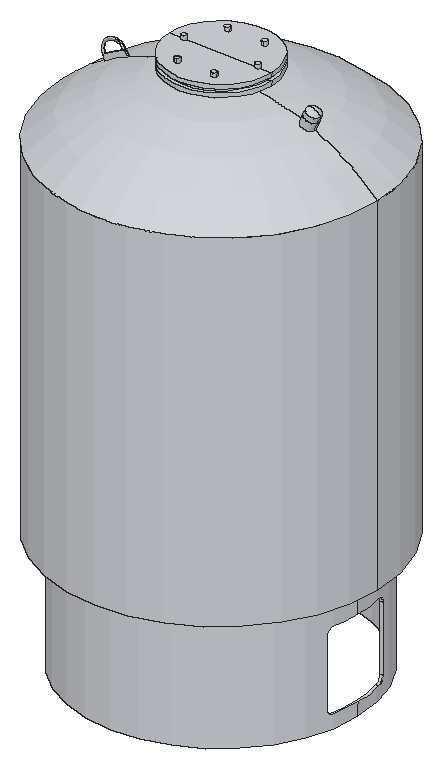
Revit family "FXA-1600", category Mechanical Equipment, Revit 2014
Parameters (values of type "FXA-1600")
  VoidLength = 7 1/2"
  URL = "http://westank.com/"
  TankVolume = "422 Gallons"
  SystemConnectionAngle = 50.00°
  PartNumber = "21011600"
  OuterRadius = 15"
  Model = "FXA-1600"
  MaximumOperatingTemperature = "240°F"
  MaximumOperatingPressure = "125 PSIG"
  Manufacturer = "Wessels Company"
  InnerRadius = 14.766"
  InnerCircleDiameter = E - 3" / 4  # 41 1/4"
  HandleAngle = 120.00°
  G = 8 3/4"
  E = 42"
  F = 9"
  DrainAngle = 63.00°
  C = 3"
  BottomOfTheCylinder = 6.11811"
  B = 84.00013"
  ApproximateShipmentWeight = "1210 lbs"
  Angle = 35.00°
  A = 48"
Reference planes (in)
  plane 1 "Center (Front/Back)": y = 0
  plane 2: z = 0
  plane 3 "Center (Left/Right)": x = 0
  plane 4: x = -24
  plane 5: y = 1.9685
  plane 6: y = -1.9685
  plane 7: z = 84.00013
  plane 8: x = 24
  plane 9: y = 0.15626
  plane 10: y = -0.15626
  plane 11: x = -21
  plane 12: x = 21
  plane 13: y = 0
  plane 14: y = 8.22887
  plane 15: y = -8.22887
  plane 16: through (0.00466, -180, 75.19677) normal (-0.9999, 0, -0.0139)
  plane 17: z = 69.58894
  plane 18: x = 9
  plane 19: x = 7.5
  plane 20: x = 10.5
  plane 21: z = 80.36787
  plane 22: z = 70.089
  plane 23: z = 69.08887
  plane 24: z = 8.75
Forms (in)
  Revolve 1, solid
    sketch origin (0, 0, -5.12551) x (1, 0, 0) y (0, 0, 1)
      loop
        arc (0, 85.49361) -> (-12.91979, 83.61854) -> (-24, 76.71451) r 31.82841
        line (-24, 76.71451) -> (-24, 23.49885)
        arc (-24, 23.49885) -> (-12.32539, 19.43597) -> (0, 18.49357) r 47.93669
        line (0, 18.49357) -> (0, 85.49361)
      axis (0, 85.49361) -> (0, 18.49357)
    angle from 0 to 360
  Extrusion 2, solid
    sketch origin (0, 0, 0) x (1, 0, 0) y (0, 1, 0)
      loop
        circle (0, 0) r 21
      loop
        circle (0, 0) r 20.625
    from 19.49834 to 0
  Revolve 3, solid
    sketch origin (9.80376, 0, 75.57315) x (0.390731, 0, 0.920505) y (-0.920505, 0, 0.390731)
      loop
        line (3.78367, -2.18813) -> (3.78367, -3.27652) -> (5.29007, -3.27652) -> (5.29007, -3.24355) -> (6.09821, -3.24355)
        arc (6.09821, -3.24355) -> (6.44345, -2.77217) -> (6.46036, -2.18813) r 0.9835
        line (6.46036, -2.18813) -> (3.78367, -2.18813)
      axis (3.78367, -2.18813) -> (6.46036, -2.18813)
    angle from 0 to 360
  Sweep 4, solid
    path origin (-7.304, 0, 74.58415) x (-0.460084, 0, 0.887875) y (-0.887875, 0, -0.460084)
      loop
        arc (7.09343, 8.1739) -> (8.84343, 6.4239) -> (7.09343, 4.6739) r 1.75
    profile origin (-17.07634, 0, 79.48048) x (-0.460084, 0, 0.887875) y (0, -1, 0)
      loop
        circle (0, 0) r 0.15625
  Extrusion 5, solid
    sketch origin (-5.06109, 0, 70.25576) x (-0.460084, 0, 0.887875) y (-0.887875, 0, -0.460084)
      loop
        line (11.96843, 8.3295) -> (10.99146, 8.3295) -> (10.99146, 4.51439) -> (11.96843, 4.51439) -> (11.96843, 8.3295)
    from 0.15626 to -0.15626
  Sweep 6, solid
    path origin (-12.625, 0, 62.08927) x (-1, 0, 0) y (0, 0, -1)
      loop
        arc (12.10198, 16.24994) -> (13.85198, 14.49994) -> (12.10198, 12.74994) r 1.75
    profile origin (-26.47698, 0, 47.58934) x (-1, 0, 0) y (0, -1, 0)
      loop
        circle (0, 0) r 0.15625
  Extrusion 7, solid
    sketch origin (-7.75, 0, 62.08927) x (-1, 0, 0) y (0, 0, -1)
      loop
        line (16.97698, 16.40554) -> (16, 16.40554) -> (16, 12.59043) -> (16.97698, 12.59043) -> (16.97698, 16.40554)
    from 0.15626 to -0.15626
  Revolve 8, solid
    sketch origin (0.22045, 0, 73.50107) x (0, 0, 1) y (-1, 0, 0)
      loop
        line (10.03372, 0.22045) -> (6.29356, 0.22045) -> (6.29356, -4.6341)
        arc (6.29356, -4.6341) -> (7.27781, -4.40868) -> (8.26207, -4.6341) r 2.26145
        line (8.26207, -4.6341) -> (8.26207, -7.60972) -> (8.85262, -7.60972) -> (8.85262, -6.99344) -> (9.44317, -6.99344) -> (9.44317, -7.60972) -> (10.03372, -7.60972) -> (10.03372, 0.22045)
      axis (10.03372, 0.22045) -> (6.29356, 0.22045)
    angle from 0 to 360
  Extrusion 9, solid
    sketch origin (0, 0, 0) x (0, 1, 0) y (0, 0, 1)
      loop
        circle (0, 69.58894) r 0.5
    from -23.66872 to -25.20532
  Revolve 10, solid
    sketch origin (0.93854, 0, 22.52473) x (0.172627, 0, -0.984987) y (0.984987, 0, 0.172627)
      loop
        line (13.18144, 5.76928) -> (9.44128, 5.76928) -> (9.44128, 2.63548)
        arc (9.44128, 2.63548) -> (10.42553, 2.86091) -> (11.40978, 2.63548) r 2.26145
        line (11.40978, 2.63548) -> (11.40978, 0.03486) -> (12.00033, 0.03486) -> (12.00033, 0.65115) -> (12.59089, 0.65115) -> (12.59089, 0.03486) -> (13.18144, 0.03486) -> (13.18144, 5.76928)
      axis (9.44128, 5.76928) -> (13.18144, 5.76928)
    angle from 0 to 360
  Extrusion 11, solid
    sketch origin (7.89187, -2.56268, 10.48894) x (-0.984979, 0, -0.172675) y (-0.000004, 1, 0.000023)
      loop
        circle (-3.74768, 6.40672) r 0.3937
    from 0.59055 to -2.11745
  Extrusion 12, solid
    sketch origin (9.7889, -2.64003, 10.82118) x (-0.747584, -0.651106, -0.131069) y (-0.641335, 0.758987, -0.112375)
      loop
        circle (-3.74768, 6.40672) r 0.3937
    from 0.59055 to -2.11248
  Extrusion 13, solid
    sketch origin (11.27836, -1.44481, 11.08203) x (-0.149831, -0.988362, -0.026308) y (-0.973528, 0.152123, -0.170595)
      loop
        circle (-3.74768, 6.40672) r 0.3937
    from 0.59055 to -2.10562
  Extrusion 14, solid
    sketch origin (11.64303, 0.44684, 11.14537) x (0.520149, -0.849202, 0.091112) y (-0.836457, -0.528068, -0.146572)
      loop
        circle (-3.74768, 6.40672) r 0.3937
    from 0.59055 to -2.11832
  Extrusion 15, solid
    sketch origin (10.70595, 2.1231, 10.98114) x (0.939407, -0.300705, 0.16459) y (-0.296195, -0.953717, -0.051887)
      loop
        circle (-3.74768, 6.40672) r 0.3937
    from 0.59055 to -2.10775
  Extrusion 16, solid
    sketch origin (8.91968, 2.77597, 10.66801) x (0.905852, 0.392739, 0.158709) y (0.386839, -0.91965, 0.067821)
      loop
        circle (-3.74768, 6.40672) r 0.3937
    from 0.59055 to -2.10608
  Extrusion 17, solid
    sketch origin (7.14519, 2.09076, 10.35699) x (0.435656, 0.896873, 0.076304) y (0.883404, -0.442288, 0.154848)
      loop
        circle (-3.74768, 6.40672) r 0.3937
    from 0.59055 to -2.11652
  Extrusion 18, solid
    sketch origin (6.23683, 0.39774, 10.19923) x (-0.244533, 0.968691, -0.042905) y (0.954145, 0.248268, 0.167246)
      loop
        circle (-3.74768, 6.40672) r 0.3937
    from 0.59055 to -2.10776
  Extrusion 19, solid
    sketch origin (6.63409, -1.48699, 10.2687) x (-0.806847, 0.573576, -0.141456) y (0.564961, 0.819153, 0.099038)
      loop
        circle (-3.74768, 6.40672) r 0.3937
    from 0.59055 to -2.10712
  Extrusion 20, solid
    sketch origin (7.85796, 0, -9.27198) x (0, 1, 0) y (1, 0, 0)
      loop
        circle (0, 1.14174) r 1.5
    from -20.98349 to -18.02198
  Extrusion 21, void
    sketch origin (0, -0.25, 0) x (0, 1, 0) y (0, 0, 1)
      loop
        arc (-4.15626, 14) -> (-4.63889, 13.73263) -> (-4.90626, 13.25) r 1
        line (-4.90626, 13.25) -> (-4.90626, 2.91491)
        arc (-4.90626, 2.91491) -> (-4.66396, 2.27523) -> (-4.06716, 1.94094) r 1
        line (-4.06716, 1.94094) -> (4.81753, 1.94094)
        arc (4.81753, 1.94094) -> (5.52464, 2.23384) -> (5.81753, 2.94094) r 1
        line (5.81753, 2.94094) -> (5.81753, 13)
        arc (5.81753, 13) -> (5.52464, 13.70711) -> (4.81753, 14) r 1
        line (4.81753, 14) -> (-4.15626, 14)
    from 25.46527 to 16.16015
  Extrusion 22, solid
    sketch origin (0.89783, 1.57065, 83.40957) x (-0.5, 0.866025, 0.000001) y (-0.866025, -0.5, 0.000001)
      loop
        circle (-3.74768, 6.40672) r 0.3937
    from 0.59055 to -2.3622
  Extrusion 23, solid
    sketch origin (1.80941, 0.00826, 83.40954) x (0.499999, 0.866026, -0.000006) y (-0.866026, 0.499999, 0.000001)
      loop
        circle (-3.74768, 6.40672) r 0.3937
    from 0.59055 to -2.3622
  Extrusion 24, solid
    sketch origin (0.9119, -1.56552, 83.40933) x (1, 0.000002, -0.000001) y (-0.000002, 1, 0.000033)
      loop
        circle (-3.74768, 6.40672) r 0.3937
    from 0.59055 to -2.3622
  Extrusion 25, solid
    sketch origin (-0.88352, -1.57065, 83.40972) x (0.500003, -0.866024, -0.000119) y (0.866024, 0.500003, -0.000205)
      loop
        circle (-3.74768, 6.40672) r 0.3937
    from 0.59055 to -2.3622
  Extrusion 26, solid
    sketch origin (-1.80831, -0.00635, 83.40964) x (-0.499996, -0.866028, 0.00002) y (0.866028, -0.499996, 0.000001)
      loop
        circle (-3.74768, 6.40672) r 0.3937
    from 0.59055 to -2.3622
  Extrusion 27, solid
    sketch origin (-0.90924, 1.56342, 83.4095) x (-1, -0.000006, 0.000011) y (0.000006, -1, 0.000008)
      loop
        circle (-3.74768, 6.40672) r 0.3937
    from 0.59055 to -2.3622
  Extrusion 28, solid
    sketch origin (0.89838, 1.57065, 83.40951) x (-0.500006, 0.866022, 0.000001) y (-0.866022, -0.500006, 0.000001)
      loop
        circle (-3.74768, 6.40672) r 0.3937
    from 0.59055 to -2.3622
Cuts and joins
  Extrusion 21 cuts Extrusion 2
  joined: Revolve 1, Revolve 3, Extrusion 5, Revolve 8, Revolve 10, Extrusion 20
Dimensions and locks (in)
  equal spacing: plane 5, plane 1 "Center (Front/Back)", plane 6
  "B": plane 7 to level
  equal spacing: plane 8, plane 3 "Center (Left/Right)", plane 4
  "A": plane 8 to plane 4
  plane 9 to plane 10 = 0.31252"
  equal spacing: plane 12, plane 3 "Center (Left/Right)", plane 11
  "E": plane 12 to plane 11
  locked: Revolve 3 sketch curve to Revolve 3 sketch curve at 0.03297
  equal spacing: plane 14, plane 13, plane 15
  locked: Revolve 8 sketch curve to Revolve 8 sketch curve at 0.59055  (x3)
  locked: Revolve 8 sketch curve to Revolve 8 sketch curve at 1.9685
  Revolve 1 to plane 17 = 2.00006"
  locked: Extrusion 9 sketch curve to plane 13 at 0
  locked: Extrusion 9 sketch curve to plane 17
  locked: Revolve 10 sketch curve to Revolve 10 sketch curve at 0.59055  (x3)
  locked: Revolve 10 sketch curve to Revolve 10 sketch curve at 1.9685
  locked: Extrusion 20 sketch curve to plane 1 "Center (Front/Back)" at 0
  "F": plane 18 to plane 3 "Center (Left/Right)"
  equal spacing: plane 20, plane 18, plane 19
  "C": plane 20 to plane 19
  locked: Extrusion 20 sketch curve to plane 18 at 0.0003
  plane 7 to plane 21 = 3.63226"
  locked: plane 7 to Revolve 1 sketch curve at 12.41113
  equal spacing: plane 22, plane 17, plane 23
  Revolve 1 to plane 22 = 1 1/2"
  plane 22 to plane 23 = 1.00013"
  "G": plane 24 to cut or joined group of Extrusion 2, Extrusion 21
  "C": diameter of Extrusion 20 sketch curve
  "E": diameter of Extrusion 2 sketch curve
  "InnerCircleDiameter": diameter of Extrusion 2 sketch curve
  aligned and locked: level to plane 2
  aligned and locked: plane 4 to Revolve 1 sketch curve
  aligned and locked: Revolve 3 sketch curve to Revolve 3 sketch curve
  aligned and locked: Extrusion 5 sketch curve to Sweep 4
  aligned and locked: Extrusion 5 to plane 10
  aligned and locked: plane 9 to Extrusion 5
  aligned and locked: Extrusion 7 sketch curve to Sweep 6
  aligned and locked: Revolve 8 sketch curve to Revolve 8 sketch curve
  aligned and locked: Revolve 10 sketch curve to Revolve 10 sketch curve
  aligned and locked: Revolve 8 sketch curve to plane 3 "Center (Left/Right)"
  aligned and locked: Extrusion 22 to plane 7
  aligned and locked: Extrusion 23 to plane 7
  aligned and locked: Extrusion 26 to plane 7
  aligned and locked: Extrusion 20 to plane 24
Automatic sketch dimensions
  Revolve 1 sketch curve to plane 3 "Center (Left/Right)" = 0"  (x2)
  Revolve 1 sketch curve to plane 3 "Center (Left/Right)" = 2.5386"
  Revolve 1 sketch curve to plane 3 "Center (Left/Right)" = 1.98565"
  Revolve 1 sketch curve to Revolve 1 sketch curve = 5.00528"
  Revolve 1 sketch curve to Revolve 1 sketch curve = 10.96462"
  Sweep 6 sketch curve to plane 4 = 0.72698"
  Sweep 6 sketch curve to Sweep 6 sketch curve = 1 3/4"
  Sweep 6 sketch curve to profile plane = 0"
  profile plane to Sweep 6 sketch curve = 0"
  plane 4 to Extrusion 7 sketch curve = 1/4"
  Extrusion 7 sketch curve to Extrusion 7 sketch curve = 3.81511"
  plane 17 to Revolve 1 sketch curve = 0.0062"
  plane 17 to Sweep 6 sketch curve = 21.9996"
  plane 17 to Extrusion 7 sketch curve = 20.0901"
  Revolve 8 sketch curve to plane 3 "Center (Left/Right)" = 0"
  Revolve 8 sketch curve to plane 7 = 4.2055"
  Revolve 8 sketch curve to plane 19 = 0.60942"
  Revolve 8 sketch curve to Revolve 8 sketch curve = 0.98425"
  Revolve 8 sketch curve to plane 19 = 0.28611"
  plane 19 to Revolve 8 sketch curve = 0.33017"
  Revolve 8 sketch curve to Revolve 8 sketch curve = 2.03603"
  Revolve 8 sketch curve to Revolve 8 sketch curve = 0"
  plane 7 to Revolve 8 sketch curve = 0.53466"
  plane 20 to Revolve 3 sketch curve = 2.79633"
  Revolve 3 sketch curve to Revolve 3 sketch curve = 1.5064"
  Revolve 3 sketch curve to Revolve 3 sketch curve = 0"
  Revolve 3 sketch curve to Revolve 3 sketch curve = 0.22312"
  Revolve 3 sketch curve to Revolve 3 sketch curve = 0.80814"
  Revolve 3 sketch curve to Revolve 3 sketch curve = 0.94717"
  Revolve 3 sketch curve to Revolve 3 sketch curve = 0.26484"
  Revolve 3 sketch curve to Revolve 3 sketch curve = 5.44847"
  Revolve 3 sketch curve to Revolve 3 sketch curve = 0.07201"
  plane 11 to Sweep 4 sketch curve = 4.7288"
  Sweep 4 sketch curve to Sweep 4 sketch curve = 1 3/4"
  Sweep 4 sketch curve to profile plane = 0"
  profile plane to Sweep 4 sketch curve = 0"
  Extrusion 5 sketch curve to Extrusion 5 sketch curve = 0.97698"
  Extrusion 5 sketch curve to Extrusion 5 sketch curve = 3.81511"
  Revolve 1 sketch curve to Revolve 1 sketch curve = 12.63579"
  plane 19 to Revolve 10 sketch curve = 0.75103"
  Revolve 10 sketch curve to Revolve 10 sketch curve = 0.98425"
  Revolve 10 sketch curve to Revolve 10 sketch curve = 3.1338"
  Revolve 10 sketch curve to Revolve 10 sketch curve = 1.98434"
  Revolve 10 sketch curve to Revolve 10 sketch curve = 0.05169"
  Revolve 10 sketch curve to Revolve 10 sketch curve = 0.61629"
  Revolve 10 sketch curve to Revolve 10 sketch curve = 19.38704"
  Revolve 10 sketch curve to Revolve 10 sketch curve = 0.1272"
  Revolve 10 sketch curve to Revolve 10 sketch curve = 0"
  Revolve 3 sketch curve to plane 7 = 5.79907"
  Sweep 4 sketch curve to plane 7 = 6.07343"
  Extrusion 5 sketch curve to plane 7 = 5.1949"
  plane 15 to Extrusion 21 sketch curve = 3.0726"
  plane 5 to Extrusion 21 sketch curve = 2.59903"  (x2)
  level to Extrusion 21 sketch curve = 2.91491"
  Extrusion 21 sketch curve to Extrusion 21 sketch curve = 0.8391"
  Extrusion 21 sketch curve to Extrusion 21 sketch curve = 3/4"
  Extrusion 21 sketch curve to Extrusion 21 sketch curve = 0.22448"  (x2)
  Extrusion 21 sketch curve to Extrusion 21 sketch curve = 0.16082"
  Extrusion 21 sketch curve to Extrusion 21 sketch curve = 0.01302"
  Extrusion 21 sketch curve to Extrusion 21 sketch curve = 1"
  plane 23 to Revolve 1 sketch curve = 7.85139"
  plane 24 to Extrusion 21 sketch curve = 4 1/4"
  Extrusion 2 sketch curve to Extrusion 2 sketch curve = 0"  (x2)
  plane 1 "Center (Front/Back)" to Extrusion 2 sketch curve = 0"
  Extrusion 2 sketch curve to plane 3 "Center (Left/Right)" = 0"
  plane 24 to Revolve 10 sketch curve = 5.47112"
  radius of Extrusion 11 sketch curve = 0.3937"
  radius of Extrusion 12 sketch curve = 0.3937"
  radius of Extrusion 13 sketch curve = 0.3937"
  radius of Extrusion 14 sketch curve = 0.3937"
  radius of Extrusion 15 sketch curve = 0.3937"
  radius of Extrusion 16 sketch curve = 0.3937"
  radius of Extrusion 17 sketch curve = 0.3937"
  radius of Extrusion 18 sketch curve = 0.3937"
  radius of Extrusion 19 sketch curve = 0.3937"
  radius of Sweep 6 sketch curve = 5/32"
  radius of Extrusion 9 sketch curve = 1/2"
  radius of Extrusion 22 sketch curve = 0.3937"
  radius of Extrusion 23 sketch curve = 0.3937"
  radius of Extrusion 24 sketch curve = 0.3937"
  radius of Extrusion 25 sketch curve = 0.3937"
  radius of Extrusion 26 sketch curve = 0.3937"
  radius of Extrusion 27 sketch curve = 0.3937"
  radius of Extrusion 28 sketch curve = 0.3937"
  radius of Sweep 4 sketch curve = 5/32"
Connectors (in)
  piping at (8.9997, 0, 8.75), diameter 3, driven by "C"
    settings: on Extrusion 20, index 1, connector inside diameter 24", connector length 0", flow factor 0, pipe flow 0 GPM, pressure drop 0.00 psi, fitting loss kfactor 0, connector angle 0.00°, fixture units 0, engagement length 0", angle of deflection 0.00°, flow configuration 0, flow direction 0, fitting loss method 0, system type 7, joint type 0, gender type 0, connector reference index -1, connector utility 0, adjustable connector no, is connector primary yes, connector description ""
